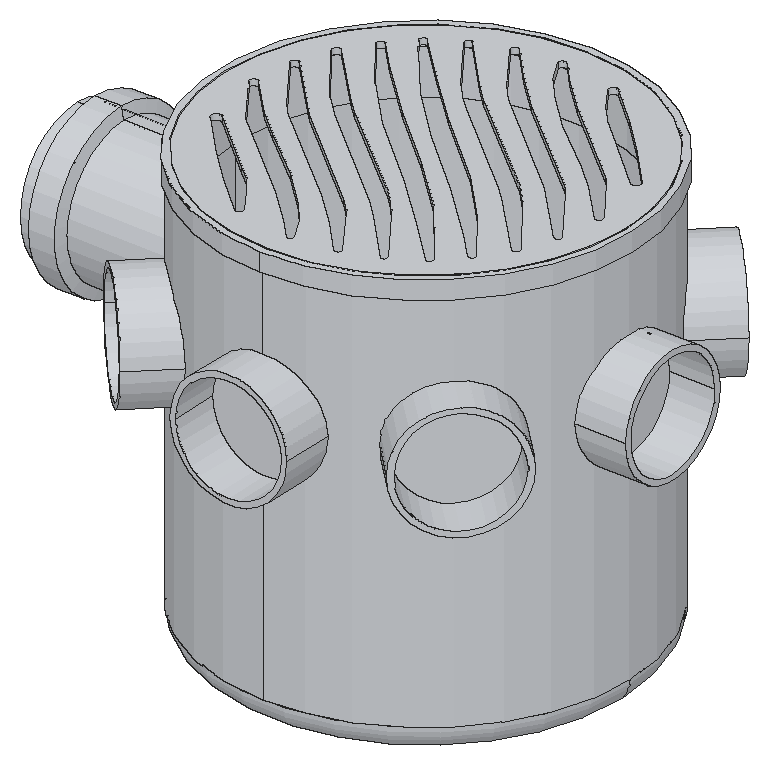
Revit family "Caixa Sifonada Montada_150x150x50_7 Entradas Completa - Caixas e Ralos - Esgoto - MEP - Tigre", category Plumbing Fixtures, host Face, Revit 2011
Parameters (values of type "Grelha e porta grelha redondos brancos - DN 150 x 150 x 50")
  URL = "http://www.tigre.com.br"
  UHC [instance] = 2
  Tigre: Sistema = "Esgoto"  # constant formula
  Tigre: Norma = ""
  Tigre: Material = "Branco"
  Tigre: Marcador [instance] = "00"
  Tigre: Link do Produto = "http://www.tigre.com.br/pt/produtos_unico.php?rcr_id=4&cpr_id=10&cpr_id_pai=4&lnh_id=11&prd_id=125"
  Tigre: Linha = "Caixas e Ralos"  # constant formula
  Tigre: Fabricante = "© Tigre S/A"  # constant formula
  Tigre: Descrição = "Caixa Sifonada Montada c/ Grelha e Porta Grelha, redondos brancos, (com 7 entradas) 150 x 150 x 50mm, Esgoto - TIGRE"
  Tigre: Código com Separador [instance] = "27.06.853.7"
  Tigre: Código = 27068537
  Tigre: Comentários [instance] = ""
  Raio do Corpo = 77.10 mm  # constant formula
  Raio Interno Porta Grelha = 48.70 mm
  Raio Externo Porta Grelha = 53.50 mm
  Raio do Anel = 31.40 mm
  Raio Nominal 2 = Diâmetro Nominal 2 / 2  # 20.00 mm
  Raio Nominal 1 = Diâmetro Nominal 1 / 2  # 25.00 mm
  Raio Externo 2 = Raio Nominal 2 + 2.00 mm  # 22.00 mm
  Raio Externo 1 = Raio Nominal 1 + 2.00 mm  # 27.00 mm
  Prolongador. [instance] = none
  Prolongador [instance] = Distância do Prolongador > 0.00 mm  # no
  Porta Grelha Redonda = yes
  Porta Grelha Quadrada = no
  Porta Grelha [instance] = none
  Model = ""
  Manufacturer = Tigre: Fabricante  # "© Tigre S/A"
  Grelha Redonda = yes
  Grelha Quadrada = no
  Grelha [instance] = none
  Diâmetro Nominal 2 = 40.00 mm
  Diâmetro Nominal 1 = 50.00 mm
  Description = Tigre: Descrição  # "Caixa Sifonada Montada c/ Grelha e Porta Grelha, redondos brancos, (com 7 entradas) 150 x 150 x 50mm, Esgoto - TIGRE"
  Default Elevation = 0.00 mm
  Cota L1 = 131.50 mm
  Distância do Prolongador [instance] = 0.00 mm
  Cota B = 105.00 mm  # constant formula
  Cota A = 155.00 mm  # constant formula
  Comprimento do Tubo [instance] = if(Distância do Prolongador > 0.00 mm, Distância do Prolongador + 15.00 mm, Distância do Prolongador + 1.00 mm)  # 1.00 mm
  Caixas e Ralos [instance] = none
  Anel = 10.00 mm
Reference planes
  plane 1 "Center (Front/Back)": y = 0
  plane 2: z = 0
  plane 3 "Center (Left/Right)": x = 0
  plane 4: z = -162
  plane 5: z = -7
  plane 6: z = -57
  plane 7: z = -7
Forms (mm)
  Sweep 1, solid, material <- "Caixas e Ralos", detail levels fine
    path origin (0, 0, 0) x (1, 0, 0) y (0, 0, 1)
      loop
        line (0, -7) -> (0, -152)
    profile origin (0, 0, -79.5) x (0, -1, 0) y (1, 0, 0)
      loop
        circle (0, 0) r 77.1
  Revolve 2, solid, material <- "Caixas e Ralos", detail levels fine
    sketch origin (0, 0, 0) x (1, 0, 0) y (0, 0, 1)
      loop
        line (0, -152) -> (-77.1, -152)
        arc (-77.1, -152) -> (-74.171, -159.071) -> (-67.1, -162) r 10
        line (-67.1, -162) -> (0, -162) -> (0, -152)
      axis (0, -152) -> (0, -162)
    angle from 0 to 360
  Sweep 3, solid, material <- "Caixas e Ralos", detail levels fine
    path origin (0, 0, 0) x (1, 0, 0) y (0, 0, 1)
      loop
        line (0, -57) -> (-131.5, -57)
    profile origin (-65.75, 0, -57) x (0, 0, -1) y (0, -1, 0)
      loop
        circle (0, 0) r 27
  Sweep 4, solid, material <- "Caixas e Ralos", detail levels fine
    path origin (-107.8, -4572, -57) x (0, -1, 0) y (1, 0, 0)
      loop
        line (-4665.138, 107.8) -> (-4478.862, 107.8)
    profile origin (0, 0, -57) x (1, 0, 0) y (0, 0, 1)
      loop
        circle (0, 0) r 22
  Sweep 5, solid, material <- "Caixas e Ralos", detail levels fine
    path origin (-107.8, -4572, -57) x (0, -1, 0) y (1, 0, 0)
      loop
        line (-4572, 107.8) -> (-4572, 200.938)
    profile origin (46.569, 0, -57) x (0, 1, 0) y (0, 0, 1)
      loop
        circle (0, 0) r 22
  SweptBlend 6, solid, material <- "Caixas e Ralos", detail levels fine
    path origin (0, 0, 0) x (1, 0, 0) y (0, 0, 1)
      loop
        line (-126.261, -57) -> (-124.921, -57)
    profile origin (-126.261, 0, -57) x (0, 0, 1) y (0, -1, 0)
      loop
        circle (0, 0) r 27
    end profile origin (-124.921, 0, -57) x (0, 0, 1) y (0, -1, 0)
      loop
        circle (0, 0) r 31.4
  Sweep 7, solid, material <- "Caixas e Ralos", detail levels fine
    path origin (0, 0, 0) x (1, 0, 0) y (0, 0, 1)
      loop
        line (-124.921, -57) -> (-114.921, -57)
    profile origin (-119.921, 0, -57) x (0, 0, 1) y (0, -1, 0)
      loop
        circle (0, 0) r 31.4
  SweptBlend 8, solid, material <- "Caixas e Ralos", detail levels fine
    path origin (0, 0, 0) x (1, 0, 0) y (0, 0, 1)
      loop
        line (-114.921, -57) -> (-113.987, -57)
    profile origin (-114.921, 0, -57) x (0, 0, 1) y (0, -1, 0)
      loop
        circle (0, 0) r 31.4
    end profile origin (-113.987, 0, -57) x (0, 0, 1) y (0, -1, 0)
      loop
        circle (0, 0) r 27
  Sweep 9, solid, material <- "Caixas e Ralos", detail levels fine
    path origin (3156.666, -3309.118, -57) x (0.707107, -0.707107, 0) y (0.707107, 0.707107, 0)
      loop
        line (-4665.138, 107.8) -> (-4478.862, 107.8)
    profile origin (0, 0, -57) x (0.707107, 0.707107, 0) y (0, 0, 1)
      loop
        circle (0, 0) r 22
  Sweep 10, solid, material <- "Caixas e Ralos", detail levels fine
    path origin (-3156.666, -3309.118, -57) x (0.707107, 0.707107, 0) y (-0.707107, 0.707107, 0)
      loop
        line (4665.138, 107.8) -> (4478.862, 107.8)
    profile origin (0, 0, -57) x (0.707107, -0.707107, 0) y (0, 0, 1)
      loop
        circle (0, 0) r 22
  Sweep 11, void
    path origin (0, 0, 0) x (1, 0, 0) y (0, 0, 1)
      loop
        line (0, -152) -> (0, -7)
    profile origin (0, 0, -79.5) x (-1, 0, 0) y (0, -1, 0)
      loop
        circle (0, 0) r 72.3
  Extrusion 12, solid, material <- "Grelha", visible <- "Grelha Quadrada", detail levels fine
    sketch origin (-107.8, -4572, -57) x (0, -1, 0) y (-1, 0, 0)
      loop
        line (-4635.57, -129.537) -> (-4623.132, -143.846)
        arc (-4623.132, -143.846) -> (-4617.701, -149.772) -> (-4611.967, -155.407) r 153.546
        line (-4611.967, -155.407) -> (-4596.416, -169.908)
        arc (-4596.416, -169.908) -> (-4593.759, -169.817) -> (-4593.848, -167.159) r 1.881
        arc (-4593.848, -167.159) -> (-4604.41, -156.19) -> (-4613.78, -144.185) r 146.863
        arc (-4613.78, -144.185) -> (-4618.668, -138.359) -> (-4624.494, -133.471) r 43.63
        line (-4624.494, -133.471) -> (-4633.46, -127.193)
        arc (-4633.46, -127.193) -> (-4635.552, -127.431) -> (-4635.57, -129.537) r 1.589
      loop
        line (-4638.58, -107.748) -> (-4631.247, -114.587)
        arc (-4631.247, -114.587) -> (-4625.259, -120.523) -> (-4619.645, -126.813) r 138.047
        line (-4619.645, -126.813) -> (-4592.301, -159.4)
        arc (-4592.301, -159.4) -> (-4591.39, -160.367) -> (-4590.373, -161.222) r 11.498
        line (-4590.373, -161.222) -> (-4572.687, -174.43)
        arc (-4572.687, -174.43) -> (-4570.564, -174.191) -> (-4570.669, -172.058) r 1.56
        line (-4570.669, -172.058) -> (-4584.395, -158.803)
        arc (-4584.395, -158.803) -> (-4588.663, -154.319) -> (-4592.541, -149.492) r 73.631
        arc (-4592.541, -149.492) -> (-4600.166, -139.572) -> (-4608.196, -129.978) r 301.507
        arc (-4608.196, -129.978) -> (-4614.319, -123.269) -> (-4620.734, -116.837) r 205.267
        arc (-4620.734, -116.837) -> (-4628.399, -110.501) -> (-4636.914, -105.363) r 67.329
        arc (-4636.914, -105.363) -> (-4638.782, -105.832) -> (-4638.58, -107.748) r 1.469
      loop
        line (-4636.203, -91.599) -> (-4624.161, -102.828)
        arc (-4624.161, -102.828) -> (-4618.056, -108.88) -> (-4612.333, -115.292) r 140.737
        line (-4612.333, -115.292) -> (-4580.734, -152.95)
        arc (-4580.734, -152.95) -> (-4579.007, -154.782) -> (-4577.081, -156.402) r 21.79
        line (-4577.081, -156.402) -> (-4556.115, -172.06)
        arc (-4556.115, -172.06) -> (-4554.165, -171.84) -> (-4554.261, -169.88) r 1.434
        line (-4554.261, -169.88) -> (-4575.315, -149.549)
        arc (-4575.315, -149.549) -> (-4576.062, -148.788) -> (-4576.769, -147.989) r 20.373
        line (-4576.769, -147.989) -> (-4609.872, -108.539)
        arc (-4609.872, -108.539) -> (-4612.813, -105.439) -> (-4616.111, -102.721) r 35
        line (-4616.111, -102.721) -> (-4634.411, -89.425)
        arc (-4634.411, -89.425) -> (-4636.329, -89.669) -> (-4636.203, -91.599) r 1.411
      loop
        line (-4630.998, -78.26) -> (-4612.593, -95.423)
        arc (-4612.593, -95.423) -> (-4609.307, -98.68) -> (-4606.227, -102.131) r 75.748
        line (-4606.227, -102.131) -> (-4572.107, -142.793)
        arc (-4572.107, -142.793) -> (-4568.538, -146.621) -> (-4564.588, -150.054) r 50
        line (-4564.588, -150.054) -> (-4542.866, -167.026)
        arc (-4542.866, -167.026) -> (-4540.643, -166.812) -> (-4540.741, -164.581) r 1.622
        line (-4540.741, -164.581) -> (-4563.119, -142.971)
        arc (-4563.119, -142.971) -> (-4565.23, -140.822) -> (-4567.226, -138.566) r 57.539
        line (-4567.226, -138.566) -> (-4598.505, -101.29)
        arc (-4598.505, -101.29) -> (-4603.519, -95.971) -> (-4609.113, -91.266) r 63.27
        line (-4609.113, -91.266) -> (-4629.281, -76.204)
        arc (-4629.281, -76.204) -> (-4631.113, -76.419) -> (-4630.998, -78.26) r 1.341
      loop
        line (-4623.825, -67.027) -> (-4609.716, -81.136)
        arc (-4609.716, -81.136) -> (-4600.22, -90.97) -> (-4591.073, -101.128) r 391.639
        line (-4591.073, -101.128) -> (-4567.599, -128.133)
        arc (-4567.599, -128.133) -> (-4559.212, -136.894) -> (-4550.024, -144.81) r 126.391
        line (-4550.024, -144.81) -> (-4531.504, -159.28)
        arc (-4531.504, -159.28) -> (-4529.442, -159.081) -> (-4529.533, -157.012) r 1.505
        line (-4529.533, -157.012) -> (-4539.034, -147.836)
        arc (-4539.034, -147.836) -> (-4548.888, -137.896) -> (-4558.298, -127.536) r 320.792
        line (-4558.298, -127.536) -> (-4578.823, -103.925)
        arc (-4578.823, -103.925) -> (-4596.95, -85.195) -> (-4616.971, -68.504) r 244.018
        line (-4616.971, -68.504) -> (-4621.911, -64.815)
        arc (-4621.911, -64.815) -> (-4623.897, -65.03) -> (-4623.825, -67.027) r 1.466
      loop
        line (-4508.43, -86.063) -> (-4520.868, -71.754)
        arc (-4520.868, -71.754) -> (-4526.299, -65.828) -> (-4532.033, -60.193) r 153.546
        line (-4532.033, -60.193) -> (-4547.584, -45.692)
        arc (-4547.584, -45.692) -> (-4550.241, -45.783) -> (-4550.152, -48.441) r 1.881
        arc (-4550.152, -48.441) -> (-4539.59, -59.41) -> (-4530.22, -71.415) r 146.863
        arc (-4530.22, -71.415) -> (-4525.332, -77.241) -> (-4519.506, -82.129) r 43.63
        line (-4519.506, -82.129) -> (-4510.54, -88.407)
        arc (-4510.54, -88.407) -> (-4508.448, -88.169) -> (-4508.43, -86.063) r 1.589
      loop
        line (-4505.42, -107.852) -> (-4512.753, -101.013)
        arc (-4512.753, -101.013) -> (-4518.741, -95.077) -> (-4524.355, -88.787) r 138.047
        line (-4524.355, -88.787) -> (-4551.699, -56.2)
        arc (-4551.699, -56.2) -> (-4552.61, -55.233) -> (-4553.627, -54.378) r 11.498
        line (-4553.627, -54.378) -> (-4571.313, -41.17)
        arc (-4571.313, -41.17) -> (-4573.436, -41.409) -> (-4573.331, -43.542) r 1.56
        line (-4573.331, -43.542) -> (-4559.605, -56.797)
        arc (-4559.605, -56.797) -> (-4555.337, -61.281) -> (-4551.459, -66.108) r 73.631
        arc (-4551.459, -66.108) -> (-4543.834, -76.028) -> (-4535.804, -85.622) r 301.507
        arc (-4535.804, -85.622) -> (-4529.681, -92.331) -> (-4523.266, -98.763) r 205.267
        arc (-4523.266, -98.763) -> (-4515.601, -105.099) -> (-4507.086, -110.237) r 67.329
        arc (-4507.086, -110.237) -> (-4505.218, -109.768) -> (-4505.42, -107.852) r 1.469
      loop
        line (-4507.797, -124.001) -> (-4519.839, -112.772)
        arc (-4519.839, -112.772) -> (-4525.944, -106.72) -> (-4531.667, -100.308) r 140.737
        line (-4531.667, -100.308) -> (-4563.266, -62.65)
        arc (-4563.266, -62.65) -> (-4564.993, -60.818) -> (-4566.919, -59.198) r 21.79
        line (-4566.919, -59.198) -> (-4587.885, -43.54)
        arc (-4587.885, -43.54) -> (-4589.835, -43.76) -> (-4589.739, -45.72) r 1.434
        line (-4589.739, -45.72) -> (-4568.685, -66.051)
        arc (-4568.685, -66.051) -> (-4567.938, -66.812) -> (-4567.231, -67.611) r 20.373
        line (-4567.231, -67.611) -> (-4534.128, -107.061)
        arc (-4534.128, -107.061) -> (-4531.187, -110.161) -> (-4527.889, -112.879) r 35
        line (-4527.889, -112.879) -> (-4509.589, -126.175)
        arc (-4509.589, -126.175) -> (-4507.671, -125.931) -> (-4507.797, -124.001) r 1.411
      loop
        line (-4513.002, -137.34) -> (-4531.407, -120.177)
        arc (-4531.407, -120.177) -> (-4534.693, -116.92) -> (-4537.773, -113.469) r 75.748
        line (-4537.773, -113.469) -> (-4571.893, -72.807)
        arc (-4571.893, -72.807) -> (-4575.462, -68.979) -> (-4579.412, -65.546) r 50
        line (-4579.412, -65.546) -> (-4601.134, -48.574)
        arc (-4601.134, -48.574) -> (-4603.357, -48.788) -> (-4603.259, -51.019) r 1.622
        line (-4603.259, -51.019) -> (-4580.881, -72.629)
        arc (-4580.881, -72.629) -> (-4578.77, -74.778) -> (-4576.774, -77.034) r 57.539
        line (-4576.774, -77.034) -> (-4545.495, -114.31)
        arc (-4545.495, -114.31) -> (-4540.481, -119.629) -> (-4534.887, -124.334) r 63.27
        line (-4534.887, -124.334) -> (-4514.719, -139.396)
        arc (-4514.719, -139.396) -> (-4512.887, -139.181) -> (-4513.002, -137.34) r 1.341
      loop
        line (-4520.175, -148.573) -> (-4534.284, -134.464)
        arc (-4534.284, -134.464) -> (-4543.78, -124.63) -> (-4552.927, -114.472) r 391.639
        line (-4552.927, -114.472) -> (-4576.401, -87.467)
        arc (-4576.401, -87.467) -> (-4584.788, -78.706) -> (-4593.976, -70.79) r 126.391
        line (-4593.976, -70.79) -> (-4612.496, -56.32)
        arc (-4612.496, -56.32) -> (-4614.558, -56.519) -> (-4614.467, -58.588) r 1.505
        line (-4614.467, -58.588) -> (-4604.966, -67.764)
        arc (-4604.966, -67.764) -> (-4595.112, -77.704) -> (-4585.702, -88.064) r 320.792
        line (-4585.702, -88.064) -> (-4565.177, -111.675)
        arc (-4565.177, -111.675) -> (-4547.05, -130.405) -> (-4527.029, -147.096) r 244.018
        line (-4527.029, -147.096) -> (-4522.089, -150.785)
        arc (-4522.089, -150.785) -> (-4520.103, -150.57) -> (-4520.175, -148.573) r 1.466
      loop
        line (-4647.15, -32.65) -> (-4647.15, -182.95) -> (-4496.85, -182.95) -> (-4496.85, -32.65) -> (-4647.15, -32.65)
    from -57 to -55
  Extrusion 13, solid, material <- "Grelha", visible <- "Grelha Redonda", detail levels fine
    sketch origin (-107.8, -4572, -57) x (0, -1, 0) y (-1, 0, 0)
      loop
        line (-4635.601, -129.682) -> (-4623.163, -143.991)
        arc (-4623.163, -143.991) -> (-4617.732, -149.918) -> (-4611.999, -155.552) r 153.546
        line (-4611.999, -155.552) -> (-4596.448, -170.054)
        arc (-4596.448, -170.054) -> (-4593.79, -169.962) -> (-4593.879, -167.305) r 1.881
        arc (-4593.879, -167.305) -> (-4604.441, -156.335) -> (-4613.811, -144.331) r 146.863
        arc (-4613.811, -144.331) -> (-4618.699, -138.505) -> (-4624.525, -133.616) r 43.63
        line (-4624.525, -133.616) -> (-4633.491, -127.338)
        arc (-4633.491, -127.338) -> (-4635.583, -127.577) -> (-4635.601, -129.682) r 1.589
      loop
        line (-4638.611, -107.894) -> (-4631.278, -114.732)
        arc (-4631.278, -114.732) -> (-4625.29, -120.668) -> (-4619.676, -126.958) r 138.047
        line (-4619.676, -126.958) -> (-4592.332, -159.545)
        arc (-4592.332, -159.545) -> (-4591.421, -160.512) -> (-4590.404, -161.367) r 11.498
        line (-4590.404, -161.367) -> (-4572.718, -174.576)
        arc (-4572.718, -174.576) -> (-4570.596, -174.336) -> (-4570.7, -172.203) r 1.56
        line (-4570.7, -172.203) -> (-4584.426, -158.948)
        arc (-4584.426, -158.948) -> (-4588.695, -154.464) -> (-4592.572, -149.637) r 73.631
        arc (-4592.572, -149.637) -> (-4600.197, -139.718) -> (-4608.227, -130.123) r 301.507
        arc (-4608.227, -130.123) -> (-4614.351, -123.414) -> (-4620.765, -116.982) r 205.267
        arc (-4620.765, -116.982) -> (-4628.43, -110.646) -> (-4636.945, -105.508) r 67.329
        arc (-4636.945, -105.508) -> (-4638.814, -105.978) -> (-4638.611, -107.894) r 1.469
      loop
        line (-4636.234, -91.744) -> (-4624.192, -102.973)
        arc (-4624.192, -102.973) -> (-4618.088, -109.025) -> (-4612.364, -115.438) r 140.737
        line (-4612.364, -115.438) -> (-4580.766, -153.095)
        arc (-4580.766, -153.095) -> (-4579.039, -154.927) -> (-4577.112, -156.547) r 21.79
        line (-4577.112, -156.547) -> (-4556.147, -172.205)
        arc (-4556.147, -172.205) -> (-4554.196, -171.985) -> (-4554.292, -170.025) r 1.434
        line (-4554.292, -170.025) -> (-4575.346, -149.694)
        arc (-4575.346, -149.694) -> (-4576.094, -148.933) -> (-4576.8, -148.134) r 20.373
        line (-4576.8, -148.134) -> (-4609.903, -108.684)
        arc (-4609.903, -108.684) -> (-4612.844, -105.584) -> (-4616.142, -102.866) r 35
        line (-4616.142, -102.866) -> (-4634.442, -89.57)
        arc (-4634.442, -89.57) -> (-4636.361, -89.814) -> (-4636.234, -91.744) r 1.411
      loop
        line (-4631.029, -78.405) -> (-4612.624, -95.568)
        arc (-4612.624, -95.568) -> (-4609.339, -98.825) -> (-4606.258, -102.277) r 75.748
        line (-4606.258, -102.277) -> (-4572.139, -142.939)
        arc (-4572.139, -142.939) -> (-4568.569, -146.766) -> (-4564.619, -150.2) r 50
        line (-4564.619, -150.2) -> (-4542.897, -167.171)
        arc (-4542.897, -167.171) -> (-4540.675, -166.957) -> (-4540.772, -164.726) r 1.622
        line (-4540.772, -164.726) -> (-4563.15, -143.116)
        arc (-4563.15, -143.116) -> (-4565.262, -140.967) -> (-4567.258, -138.711) r 57.539
        line (-4567.258, -138.711) -> (-4598.536, -101.435)
        arc (-4598.536, -101.435) -> (-4603.55, -96.116) -> (-4609.144, -91.411) r 63.27
        line (-4609.144, -91.411) -> (-4629.312, -76.35)
        arc (-4629.312, -76.35) -> (-4631.144, -76.564) -> (-4631.029, -78.405) r 1.341
      loop
        line (-4623.857, -67.172) -> (-4609.747, -81.281)
        arc (-4609.747, -81.281) -> (-4600.251, -91.115) -> (-4591.104, -101.274) r 391.639
        line (-4591.104, -101.274) -> (-4567.63, -128.278)
        arc (-4567.63, -128.278) -> (-4559.243, -137.039) -> (-4550.055, -144.956) r 126.391
        line (-4550.055, -144.956) -> (-4531.535, -159.425)
        arc (-4531.535, -159.425) -> (-4529.473, -159.227) -> (-4529.564, -157.157) r 1.505
        line (-4529.564, -157.157) -> (-4539.066, -147.981)
        arc (-4539.066, -147.981) -> (-4548.919, -138.041) -> (-4558.33, -127.681) r 320.792
        line (-4558.33, -127.681) -> (-4578.854, -104.071)
        arc (-4578.854, -104.071) -> (-4596.981, -85.34) -> (-4617.003, -68.65) r 244.018
        line (-4617.003, -68.65) -> (-4621.942, -64.961)
        arc (-4621.942, -64.961) -> (-4623.929, -65.176) -> (-4623.857, -67.172) r 1.466
      loop
        line (-4508.461, -86.208) -> (-4520.899, -71.9)
        arc (-4520.899, -71.9) -> (-4526.33, -65.973) -> (-4532.064, -60.338) r 153.546
        line (-4532.064, -60.338) -> (-4547.615, -45.837)
        arc (-4547.615, -45.837) -> (-4550.272, -45.928) -> (-4550.183, -48.586) r 1.881
        arc (-4550.183, -48.586) -> (-4539.621, -59.556) -> (-4530.252, -71.56) r 146.863
        arc (-4530.252, -71.56) -> (-4525.363, -77.386) -> (-4519.537, -82.275) r 43.63
        line (-4519.537, -82.275) -> (-4510.572, -88.552)
        arc (-4510.572, -88.552) -> (-4508.479, -88.314) -> (-4508.461, -86.208) r 1.589
      loop
        line (-4505.451, -107.997) -> (-4512.784, -101.159)
        arc (-4512.784, -101.159) -> (-4518.772, -95.223) -> (-4524.387, -88.932) r 138.047
        line (-4524.387, -88.932) -> (-4551.731, -56.345)
        arc (-4551.731, -56.345) -> (-4552.642, -55.379) -> (-4553.658, -54.524) r 11.498
        line (-4553.658, -54.524) -> (-4571.344, -41.315)
        arc (-4571.344, -41.315) -> (-4573.467, -41.554) -> (-4573.362, -43.688) r 1.56
        line (-4573.362, -43.688) -> (-4559.637, -56.942)
        arc (-4559.637, -56.942) -> (-4555.368, -61.427) -> (-4551.491, -66.254) r 73.631
        arc (-4551.491, -66.254) -> (-4543.865, -76.173) -> (-4535.835, -85.767) r 301.507
        arc (-4535.835, -85.767) -> (-4529.712, -92.477) -> (-4523.298, -98.909) r 205.267
        arc (-4523.298, -98.909) -> (-4515.632, -105.245) -> (-4507.118, -110.382) r 67.329
        arc (-4507.118, -110.382) -> (-4505.249, -109.913) -> (-4505.451, -107.997) r 1.469
      loop
        line (-4507.828, -124.147) -> (-4519.87, -112.917)
        arc (-4519.87, -112.917) -> (-4525.975, -106.866) -> (-4531.699, -100.453) r 140.737
        line (-4531.699, -100.453) -> (-4563.297, -62.795)
        arc (-4563.297, -62.795) -> (-4565.024, -60.963) -> (-4566.95, -59.343) r 21.79
        line (-4566.95, -59.343) -> (-4587.916, -43.685)
        arc (-4587.916, -43.685) -> (-4589.866, -43.905) -> (-4589.77, -45.866) r 1.434
        line (-4589.77, -45.866) -> (-4568.717, -66.197)
        arc (-4568.717, -66.197) -> (-4567.969, -66.957) -> (-4567.262, -67.756) r 20.373
        line (-4567.262, -67.756) -> (-4534.16, -107.206)
        arc (-4534.16, -107.206) -> (-4531.218, -110.306) -> (-4527.921, -113.024) r 35
        line (-4527.921, -113.024) -> (-4509.62, -126.32)
        arc (-4509.62, -126.32) -> (-4507.702, -126.076) -> (-4507.828, -124.147) r 1.411
      loop
        line (-4513.033, -137.485) -> (-4531.438, -120.323)
        arc (-4531.438, -120.323) -> (-4534.724, -117.065) -> (-4537.805, -113.614) r 75.748
        line (-4537.805, -113.614) -> (-4571.924, -72.952)
        arc (-4571.924, -72.952) -> (-4575.493, -69.124) -> (-4579.443, -65.691) r 50
        line (-4579.443, -65.691) -> (-4601.165, -48.719)
        arc (-4601.165, -48.719) -> (-4603.388, -48.933) -> (-4603.291, -51.164) r 1.622
        line (-4603.291, -51.164) -> (-4580.912, -72.775)
        arc (-4580.912, -72.775) -> (-4578.801, -74.923) -> (-4576.805, -77.179) r 57.539
        line (-4576.805, -77.179) -> (-4545.527, -114.455)
        arc (-4545.527, -114.455) -> (-4540.512, -119.774) -> (-4534.918, -124.479) r 63.27
        line (-4534.918, -124.479) -> (-4514.751, -139.541)
        arc (-4514.751, -139.541) -> (-4512.919, -139.326) -> (-4513.033, -137.485) r 1.341
      loop
        line (-4520.206, -148.718) -> (-4534.315, -134.609)
        arc (-4534.315, -134.609) -> (-4543.811, -124.776) -> (-4552.958, -114.617) r 391.639
        line (-4552.958, -114.617) -> (-4576.433, -87.612)
        arc (-4576.433, -87.612) -> (-4584.819, -78.852) -> (-4594.007, -70.935) r 126.391
        line (-4594.007, -70.935) -> (-4612.527, -56.465)
        arc (-4612.527, -56.465) -> (-4614.589, -56.664) -> (-4614.499, -58.733) r 1.505
        line (-4614.499, -58.733) -> (-4604.997, -67.909)
        arc (-4604.997, -67.909) -> (-4595.143, -77.849) -> (-4585.733, -88.209) r 320.792
        line (-4585.733, -88.209) -> (-4565.208, -111.82)
        arc (-4565.208, -111.82) -> (-4547.081, -130.551) -> (-4527.06, -147.241) r 244.018
        line (-4527.06, -147.241) -> (-4522.12, -150.93)
        arc (-4522.12, -150.93) -> (-4520.134, -150.715) -> (-4520.206, -148.718) r 1.466
      loop
        circle (-4571.987, -107.787) r 75.65
    from -57 to -55
  Sweep 14, solid, material <- "Porta Grelha", visible <- "Porta Grelha Redonda", detail levels fine
    path origin (0, 0, 0) x (1, 0, 0) y (0, 0, 1)
      loop
        line (0.107, 0) -> (0.107, -7)
    profile origin (0.107, 0, -3.5) x (0, -1, 0) y (1, 0, 0)
      loop
        circle (0, -0.107) r 78.25
      loop
        circle (0, -0.107) r 75.8
  Revolve 15, solid, material <- "Porta Grelha", visible <- "Porta Grelha Redonda", detail levels fine
    sketch origin (0, 0, 0) x (1, 0, 0) y (0, 0, 1)
      loop
        line (-71, -22) -> (-71, -4.7) -> (-75.8, -4.7) -> (-75.8, -7) -> (-73.7, -7) -> (-73.7, -22) -> (-71, -22)
      axis (0, -22) -> (0, -4.7)
    angle from 0 to 360
  Extrusion 16, solid, material <- "Porta Grelha", visible <- "Porta Grelha Quadrada", detail levels fine
    sketch origin (-107.8, -4572, -57) x (0, -1, 0) y (-1, 0, 0)
      loop
        line (-4649.75, -30.05) -> (-4649.75, -185.55) -> (-4494.25, -185.55) -> (-4494.25, -30.05) -> (-4649.75, -30.05)
      loop
        line (-4496.6, -183.2) -> (-4496.6, -32.4) -> (-4647.4, -32.4) -> (-4647.4, -183.2) -> (-4496.6, -183.2)
    from -57 to -50
  Extrusion 17, solid, material <- "Porta Grelha", visible <- "Porta Grelha Quadrada", detail levels fine
    sketch origin (-107.8, -4572, -57) x (0, -1, 0) y (-1, 0, 0)
      loop
        line (-4647.4, -32.4) -> (-4647.4, -183.2) -> (-4496.6, -183.2) -> (-4496.6, -32.4) -> (-4647.4, -32.4)
      loop
        circle (-4572, -107.8) r 71
    from -52.3 to -50
  Sweep 18, void
    path origin (-107.8, -4572, -57) x (0, -1, 0) y (1, 0, 0)
      loop
        line (-4572, -23.7) -> (-4572, 16.3)
    profile origin (-111.5, 0, -57) x (0, 1, 0) y (0, 0, 1)
      loop
        circle (0, 0) r 25
  Sweep 19, void
    path origin (-107.8, -4572, -57) x (0, -1, 0) y (1, 0, 0)
      loop
        line (-4572, 200.938) -> (-4572, 183.6)
    profile origin (84.469, 0, -57) x (0, -1, 0) y (0, 0, 1)
      loop
        circle (0, 0) r 20
  Sweep 20, void
    path origin (3156.666, -3309.118, -57) x (0.707107, -0.707107, 0) y (0.707107, 0.707107, 0)
      loop
        line (-4572, 200.938) -> (-4572, 183.6)
    profile origin (59.729, 59.729, -57) x (0.707107, -0.707107, 0) y (0, 0, 1)
      loop
        circle (0, 0) r 20
  Sweep 21, void
    path origin (4572, -107.8, -57) x (1, 0, 0) y (0, 1, 0)
      loop
        line (-4572, 200.938) -> (-4572, 183.6)
    profile origin (0, 84.469, -57) x (1, 0, 0) y (0, 0, 1)
      loop
        circle (0, 0) r 20
  Sweep 22, void
    path origin (3309.118, 3156.666, -57) x (0.707107, 0.707107, 0) y (-0.707107, 0.707107, 0)
      loop
        line (-4572, 200.938) -> (-4572, 183.6)
    profile origin (-59.729, 59.729, -57) x (0.707107, 0.707107, 0) y (0, 0, 1)
      loop
        circle (0, 0) r 20
  Sweep 23, void
    path origin (3156.666, 3309.118, -57) x (-0.707107, -0.707107, 0) y (0.707107, -0.707107, 0)
      loop
        line (4572, 200.938) -> (4572, 183.6)
    profile origin (59.729, -59.729, -57) x (-0.707107, -0.707107, 0) y (0, 0, 1)
      loop
        circle (0, 0) r 20
  Sweep 24, void
    path origin (4572, 107.8, -57) x (-1, 0, 0) y (0, -1, 0)
      loop
        line (4572, 200.938) -> (4572, 183.6)
    profile origin (0, -84.469, -57) x (-1, 0, 0) y (0, 0, 1)
      loop
        circle (0, 0) r 20
  Sweep 25, void
    path origin (3309.118, -3156.666, -57) x (-0.707107, 0.707107, 0) y (-0.707107, -0.707107, 0)
      loop
        line (4572, 200.938) -> (4572, 183.6)
    profile origin (-59.729, -59.729, -57) x (-0.707107, 0.707107, 0) y (0, 0, 1)
      loop
        circle (0, 0) r 20
Cuts and joins
  Sweep 11, Sweep 18, Sweep 19, Sweep 20, Sweep 21, Sweep 22, Sweep 23, Sweep 24, Sweep 25 cuts Sweep 1
  Sweep 11, Sweep 18, Sweep 19, Sweep 20, Sweep 21, Sweep 22, Sweep 23, Sweep 24, Sweep 25 cuts Revolve 2
  Sweep 11, Sweep 18, Sweep 19, Sweep 20, Sweep 21, Sweep 22, Sweep 23, Sweep 24, Sweep 25 cuts Sweep 3
  Sweep 11, Sweep 18, Sweep 19, Sweep 20, Sweep 21, Sweep 22, Sweep 23, Sweep 24, Sweep 25 cuts Sweep 4
  Sweep 11, Sweep 18, Sweep 19, Sweep 20, Sweep 21, Sweep 22, Sweep 23, Sweep 24, Sweep 25 cuts Sweep 5
  Sweep 11, Sweep 18, Sweep 19, Sweep 20, Sweep 21, Sweep 22, Sweep 23, Sweep 24, Sweep 25 cuts SweptBlend 6
  Sweep 11, Sweep 18, Sweep 19, Sweep 20, Sweep 21, Sweep 22, Sweep 23, Sweep 24, Sweep 25 cuts Sweep 7
  Sweep 11, Sweep 18, Sweep 19, Sweep 20, Sweep 21, Sweep 22, Sweep 23, Sweep 24, Sweep 25 cuts SweptBlend 8
  Sweep 11, Sweep 18, Sweep 19, Sweep 20, Sweep 21, Sweep 22, Sweep 23, Sweep 24, Sweep 25 cuts Sweep 9
  Sweep 11, Sweep 18, Sweep 19, Sweep 20, Sweep 21, Sweep 22, Sweep 23, Sweep 24, Sweep 25 cuts Sweep 10
  joined: Sweep 1, Revolve 2, Sweep 3, Sweep 4, Sweep 5, SweptBlend 6, Sweep 7, SweptBlend 8, Sweep 9, Sweep 10
  joined: Extrusion 16, Extrusion 17
Lines and regions (mm)
  model lines, detail levels coarse+medium
    curve 1: line (-91.5, 0, -57) -> (-40, 0, -57)
    curve 2: line (0, 75.8, -57) -> (0, 40, -57)
    curve 3: line (-22, 75.8, -57) -> (22, 75.8, -57)
    curve 4: line (93.138, 22, -57) -> (93.138, -22, -57)
    curve 5: line (-22, -75.8, -57) -> (22, -75.8, -57)
    curve 6: line (-91.5, 22, -57) -> (-91.5, -22, -57)
    curve 7: circle (0, 0, -57) r 40 normal (0, 0, -1)
    curve 8: line (40, 0, -57) -> (93.138, 0, -57)
    curve 9: line (0, -75.8, -57) -> (0, -40, -57)
    curve 10: line (-53.599, 53.599, -57) -> (-28.284, 28.284, -57)
    curve 11: line (-69.155, 38.042, -57) -> (-38.042, 69.155, -57)
    curve 12: line (-53.599, -53.599, -57) -> (-28.284, -28.284, -57)
    curve 13: line (-69.155, -38.042, -57) -> (-38.042, -69.155, -57)
    curve 14: line (53.599, -53.599, -57) -> (28.284, -28.284, -57)
    curve 15: line (69.155, -38.042, -57) -> (38.042, -69.155, -57)
    curve 16: line (53.599, 53.599, -57) -> (28.284, 28.284, -57)
    curve 17: line (69.155, 38.042, -57) -> (38.042, 69.155, -57)
Dimensions and locks
  "Cota A": plane 5 to plane 4
  "Cota B": plane 6 to plane 4
  Sweep 1 to plane 4 = 10.00 mm
  "Cota L1": plane 3 "Center (Left/Right)" to Sweep 3 sketch curve
  plane 3 "Center (Left/Right)" to Sweep 5 sketch curve = 93.138 mm
  locked: SweptBlend 6 sketch curve to SweptBlend 6 sketch curve at 1.34
  "Anel": Sweep 7 sketch curve to Sweep 7 sketch curve
  locked: SweptBlend 8 sketch curve to SweptBlend 8 sketch curve at 0.934
  "Raio do Corpo": plane 3 "Center (Left/Right)" to Revolve 2 sketch curve
  Sweep 11 sketch curve to plane 4 = 10.00 mm
  locked: level to plane 7 at 7
  locked: level to Extrusion 12 at 2
  Revolve 15 sketch curve to plane 7 to Revolve 15 sketch curve = 2.30 mm locked, 15.00 mm locked
  "Distância do Prolongador": plane 7 to plane 5
  "Raio do Corpo": radius of Sweep 1 sketch curve
  "Raio Externo 2": radius of Sweep 4 sketch curve
  "Raio Externo 2": radius of Sweep 5 sketch curve
  "Raio Externo 1": radius of Sweep 3 sketch curve
  "Raio do Anel": radius of SweptBlend 6 sketch curve
  "Raio Externo 1": radius of SweptBlend 8 sketch curve
  "Raio Externo 2": radius of Sweep 9 sketch curve
  "Raio Externo 2": radius of Sweep 10 sketch curve
  "Raio Nominal 1": radius of Sweep 18 sketch curve
  "Raio Nominal 2": radius of Sweep 19 sketch curve
  "Raio Nominal 2": radius of Sweep 20 sketch curve
  "Raio Nominal 2": radius of Sweep 21 sketch curve
  "Raio Nominal 2": radius of Sweep 22 sketch curve
  "Raio Nominal 2": radius of Sweep 23 sketch curve
  "Raio Nominal 2": radius of Sweep 24 sketch curve
  "Raio Nominal 2": radius of Sweep 25 sketch curve
  aligned and locked: plane 2 to host face
  aligned and locked: level to host face
  aligned and locked: plane 5 to Sweep 1 sketch curve
  aligned and locked: Sweep 1 sketch curve to plane 3 "Center (Left/Right)"
  aligned and locked: Revolve 2 sketch curve to plane 3 "Center (Left/Right)"  (x2)
  aligned and locked: plane 4 to Revolve 2 sketch curve
  aligned and locked: Revolve 2 sketch curve to plane 4
  aligned and locked: Sweep 4 sketch curve to plane 3 "Center (Left/Right)"
  aligned and locked: plane 1 "Center (Front/Back)" to Sweep 5 sketch curve
  aligned and locked: plane 3 "Center (Left/Right)" to Sweep 5 sketch curve
  aligned and locked: SweptBlend 6 sketch curve to Sweep 3  (x2)
  aligned and locked: Sweep 3 sketch curve to plane 6
  aligned and locked: plane 6 to SweptBlend 6 sketch curve
  aligned and locked: Sweep 7 to SweptBlend 8 sketch curve
  aligned and locked: SweptBlend 8 sketch curve to Sweep 7  (x2)
  aligned and locked: plane 5 to Sweep 11 sketch curve
  aligned and locked: plane 3 "Center (Left/Right)" to Sweep 11 sketch curve
  aligned and locked: curve 4 to cut or joined group of Sweep 1, Revolve 2, Sweep 3, Sweep 4, Sweep 5, SweptBlend 6, Sweep 7, SweptBlend 8, Sweep 9, Sweep 10, Sweep 11, Sweep 18, Sweep 19, Sweep 20, Sweep 21, Sweep 22, Sweep 23, Sweep 24, Sweep 25
  aligned and locked: Extrusion 12 to level
  aligned and locked: level to Extrusion 13
  aligned and locked: Extrusion 13 to Extrusion 12
  aligned and locked: host face to Sweep 14 sketch curve
  aligned and locked: plane 7 to Sweep 14 sketch curve
  aligned and locked: Revolve 15 sketch curve to plane 7
  aligned and locked: level to Extrusion 16
  aligned and locked: plane 7 to Extrusion 16
  aligned and locked: plane 7 to Extrusion 17
  aligned and locked: Extrusion 17 to Revolve 15
  aligned and locked: plane 7 to nested 1
  aligned and locked: curve 6 to cut or joined group of Sweep 1, Revolve 2, Sweep 3, Sweep 4, Sweep 5, SweptBlend 6, Sweep 7, SweptBlend 8, Sweep 9, Sweep 10, Sweep 11, Sweep 18, Sweep 19, Sweep 20, Sweep 21, Sweep 22, Sweep 23, Sweep 24, Sweep 25
  aligned and locked: curve 17 to cut or joined group of Sweep 1, Revolve 2, Sweep 3, Sweep 4, Sweep 5, SweptBlend 6, Sweep 7, SweptBlend 8, Sweep 9, Sweep 10, Sweep 11, Sweep 18, Sweep 19, Sweep 20, Sweep 21, Sweep 22, Sweep 23, Sweep 24, Sweep 25
  aligned and locked: curve 3 to cut or joined group of Sweep 1, Revolve 2, Sweep 3, Sweep 4, Sweep 5, SweptBlend 6, Sweep 7, SweptBlend 8, Sweep 9, Sweep 10, Sweep 11, Sweep 18, Sweep 19, Sweep 20, Sweep 21, Sweep 22, Sweep 23, Sweep 24, Sweep 25
  aligned and locked: curve 11 to cut or joined group of Sweep 1, Revolve 2, Sweep 3, Sweep 4, Sweep 5, SweptBlend 6, Sweep 7, SweptBlend 8, Sweep 9, Sweep 10, Sweep 11, Sweep 18, Sweep 19, Sweep 20, Sweep 21, Sweep 22, Sweep 23, Sweep 24, Sweep 25
  aligned and locked: curve 13 to cut or joined group of Sweep 1, Revolve 2, Sweep 3, Sweep 4, Sweep 5, SweptBlend 6, Sweep 7, SweptBlend 8, Sweep 9, Sweep 10, Sweep 11, Sweep 18, Sweep 19, Sweep 20, Sweep 21, Sweep 22, Sweep 23, Sweep 24, Sweep 25
  aligned and locked: curve 15 to cut or joined group of Sweep 1, Revolve 2, Sweep 3, Sweep 4, Sweep 5, SweptBlend 6, Sweep 7, SweptBlend 8, Sweep 9, Sweep 10, Sweep 11, Sweep 18, Sweep 19, Sweep 20, Sweep 21, Sweep 22, Sweep 23, Sweep 24, Sweep 25
  aligned and locked: curve 5 to cut or joined group of Sweep 1, Revolve 2, Sweep 3, Sweep 4, Sweep 5, SweptBlend 6, Sweep 7, SweptBlend 8, Sweep 9, Sweep 10, Sweep 11, Sweep 18, Sweep 19, Sweep 20, Sweep 21, Sweep 22, Sweep 23, Sweep 24, Sweep 25
Automatic sketch dimensions
  host sketch curve to host sketch curve = 205.347 mm
  host sketch curve to host sketch curve = 203.078 mm
  plane 4 to Sweep 1 sketch curve = 10.00 mm
  plane 1 "Center (Front/Back)" to Sweep 1 sketch curve = 0.00 mm
  Sweep 1 sketch curve to profile plane = 0.00 mm
  Revolve 2 sketch curve to plane 4 = 0.00 mm
  Revolve 2 sketch curve to Revolve 2 sketch curve = 10.00 mm
  Revolve 2 sketch curve to plane 4 = 7.21 mm
  Sweep 3 sketch curve to plane 3 "Center (Left/Right)" = 0.00 mm
  Sweep 3 sketch curve to plane 1 "Center (Front/Back)" = 0.00 mm
  Sweep 3 sketch curve to profile plane = 0.00 mm
  Sweep 4 sketch curve to plane 1 "Center (Front/Back)" = 93.138 mm
  plane 1 "Center (Front/Back)" to Sweep 4 sketch curve = 93.138 mm
  Sweep 4 sketch curve to plane 6 = 0.00 mm
  profile plane to Sweep 4 sketch curve = 0.00 mm
  plane 6 to Sweep 5 sketch curve = 0.00 mm
  Sweep 5 sketch curve to profile plane = 0.00 mm
  SweptBlend 6 sketch curve to plane 3 "Center (Left/Right)" = 126.261 mm
  SweptBlend 6 sketch curve to plane 1 "Center (Front/Back)" = 0.00 mm
  profile plane to SweptBlend 6 sketch curve = 0.00 mm
  Sweep 7 sketch curve to plane 6 = 0.00 mm
  Sweep 7 sketch curve to plane 3 "Center (Left/Right)" = 124.921 mm
  Sweep 7 sketch curve to Sweep 7 sketch curve = 0.00 mm  (x2)
  Sweep 7 sketch curve to plane 1 "Center (Front/Back)" = 0.00 mm
  profile plane to Sweep 7 sketch curve = 0.00 mm
  Sweep 7 sketch curve to Sweep 7 sketch curve = 31.40 mm
  SweptBlend 8 sketch curve to plane 6 = 0.00 mm
  SweptBlend 8 sketch curve to plane 1 "Center (Front/Back)" = 0.00 mm
  profile plane to SweptBlend 8 sketch curve = 0.00 mm
  curve 2 to plane 3 "Center (Left/Right)" = 0.00 mm
  plane 1 "Center (Front/Back)" to curve 8 = 0.00 mm
  plane 1 "Center (Front/Back)" to curve 1 = 0.00 mm
  plane 1 "Center (Front/Back)" to curve 7 = 0.00 mm
  curve 9 to plane 3 "Center (Left/Right)" = 0.00 mm
  curve 7 to plane 3 "Center (Left/Right)" = 0.00 mm
  curve 3 to curve 11 = 6.645 mm
  curve 3 to curve 17 = 6.645 mm
  curve 11 to curve 10 = 15.556 mm
  curve 17 to curve 16 = 15.556 mm
  curve 10 to curve 11 = 15.556 mm
  curve 16 to curve 17 = 15.556 mm
  curve 10 to plane 1 "Center (Front/Back)" = 28.284 mm
  curve 6 to plane 1 "Center (Front/Back)" = 22.00 mm
  curve 8 to curve 4 = 22.00 mm
  curve 6 to curve 13 = 16.042 mm
  curve 4 to curve 15 = 16.042 mm
  curve 15 to curve 14 = 15.556 mm
  curve 13 to curve 12 = 15.556 mm
  curve 14 to curve 15 = 15.556 mm
  curve 12 to curve 13 = 15.556 mm
  curve 3 to plane 3 "Center (Left/Right)" = 22.00 mm
  curve 5 to plane 3 "Center (Left/Right)" = 22.00 mm
  curve 5 to curve 15 = 16.042 mm
  curve 3 to curve 17 = 16.042 mm
  Sweep 9 sketch curve to plane 1 "Center (Front/Back)" = 65.859 mm
  Sweep 9 sketch curve to plane 3 "Center (Left/Right)" = 65.859 mm
  Sweep 9 sketch curve to Sweep 9 sketch curve = 186.276 mm
  plane 6 to Sweep 9 sketch curve = 0.00 mm
  Sweep 9 sketch curve to profile plane = 0.00 mm
  plane 1 "Center (Front/Back)" to Sweep 10 sketch curve = 65.859 mm
  Sweep 10 sketch curve to plane 3 "Center (Left/Right)" = 65.859 mm
  Sweep 10 sketch curve to Sweep 10 sketch curve = 186.276 mm
  plane 6 to Sweep 10 sketch curve = 0.00 mm
  Sweep 10 sketch curve to profile plane = 0.00 mm
  plane 1 "Center (Front/Back)" to Sweep 11 sketch curve = 0.00 mm
  Sweep 11 sketch curve to profile plane = 0.00 mm
  Extrusion 12 sketch curve to plane 1 "Center (Front/Back)" = 314.647 mm
  Extrusion 12 sketch curve to Extrusion 12 sketch curve = 51.306 mm  (x2)
  Extrusion 12 sketch curve to Extrusion 12 sketch curve = 7.535 mm  (x2)
  Extrusion 12 sketch curve to Extrusion 12 sketch curve = 64.821 mm
  Extrusion 12 sketch curve to Extrusion 12 sketch curve = 0.148 mm  (x2)
  Extrusion 12 sketch curve to Extrusion 12 sketch curve = 37.591 mm
  Extrusion 12 sketch curve to Extrusion 12 sketch curve = 5.251 mm  (x2)
  Extrusion 12 sketch curve to Extrusion 12 sketch curve = 48.354 mm  (x2)
  Extrusion 12 sketch curve to Extrusion 12 sketch curve = 4.445 mm  (x2)
  Extrusion 12 sketch curve to Extrusion 12 sketch curve = 3.091 mm  (x2)
  Extrusion 12 sketch curve to Extrusion 12 sketch curve = 13.729 mm  (x2)
  Extrusion 12 sketch curve to Extrusion 12 sketch curve = 1.004 mm  (x2)
  Extrusion 12 sketch curve to Extrusion 12 sketch curve = 2.37 mm
  Extrusion 12 sketch curve to Extrusion 12 sketch curve = 3.551 mm
  Extrusion 12 sketch curve to plane 3 "Center (Left/Right)" = 0.052 mm
  Extrusion 12 sketch curve to Extrusion 12 sketch curve = 8.393 mm
  Extrusion 12 sketch curve to Extrusion 12 sketch curve = 1.002 mm
  Extrusion 12 sketch curve to Extrusion 12 sketch curve = 0.664 mm  (x2)
  Extrusion 12 sketch curve to Extrusion 12 sketch curve = 0.00 mm  (x12)
  Extrusion 12 sketch curve to Extrusion 12 sketch curve = 12.769 mm  (x2)
  Extrusion 12 sketch curve to Extrusion 12 sketch curve = 10.29 mm  (x2)
  Extrusion 12 sketch curve to plane 3 "Center (Left/Right)" = 16.201 mm
  Extrusion 12 sketch curve to Extrusion 12 sketch curve = 0.711 mm
  Extrusion 12 sketch curve to Extrusion 12 sketch curve = 1.113 mm  (x2)
  Extrusion 12 sketch curve to Extrusion 12 sketch curve = 0.962 mm  (x2)
  Extrusion 12 sketch curve to Extrusion 12 sketch curve = 0.83 mm  (x2)
  Extrusion 12 sketch curve to Extrusion 12 sketch curve = 1.199 mm  (x2)
  plane 3 "Center (Left/Right)" to Extrusion 12 sketch curve = 19.393 mm
  Extrusion 12 sketch curve to Extrusion 12 sketch curve = 0.911 mm  (x2)
  Extrusion 12 sketch curve to Extrusion 12 sketch curve = 7.333 mm
  Extrusion 12 sketch curve to Extrusion 12 sketch curve = 3.413 mm  (x2)
  Extrusion 12 sketch curve to Extrusion 12 sketch curve = 0.915 mm  (x2)
  Extrusion 12 sketch curve to Extrusion 12 sketch curve = 0.803 mm  (x2)
  Extrusion 12 sketch curve to Extrusion 12 sketch curve = 8.965 mm  (x2)
  Extrusion 12 sketch curve to plane 3 "Center (Left/Right)" = 4.972 mm
  Extrusion 12 sketch curve to Extrusion 12 sketch curve = 12.753 mm
  Extrusion 12 sketch curve to Extrusion 12 sketch curve = 5.455 mm  (x2)
  Extrusion 12 sketch curve to Extrusion 12 sketch curve = 1.362 mm
  Extrusion 12 sketch curve to Extrusion 12 sketch curve = 1.037 mm  (x3)
  Extrusion 12 sketch curve to Extrusion 12 sketch curve = 0.877 mm  (x2)
  Extrusion 12 sketch curve to Extrusion 12 sketch curve = 10.396 mm  (x2)
  Extrusion 12 sketch curve to Extrusion 12 sketch curve = 0.118 mm  (x2)
  plane 3 "Center (Left/Right)" to Extrusion 12 sketch curve = 19.013 mm
  Extrusion 12 sketch curve to Extrusion 12 sketch curve = 4.85 mm  (x2)
  Extrusion 12 sketch curve to Extrusion 12 sketch curve = 4.94 mm  (x2)
  Extrusion 12 sketch curve to plane 3 "Center (Left/Right)" = 5.079 mm
  Extrusion 12 sketch curve to Extrusion 12 sketch curve = 8.05 mm  (x2)
  Extrusion 12 sketch curve to Extrusion 12 sketch curve = 7.444 mm
  Extrusion 12 sketch curve to Extrusion 12 sketch curve = 9.352 mm  (x2)
  Extrusion 12 sketch curve to Extrusion 12 sketch curve = 1.045 mm  (x2)
  Extrusion 12 sketch curve to plane 3 "Center (Left/Right)" = 12.377 mm
  Extrusion 12 sketch curve to Extrusion 12 sketch curve = 3.518 mm
  Extrusion 12 sketch curve to Extrusion 12 sketch curve = 0.926 mm  (x2)
  plane 3 "Center (Left/Right)" to Extrusion 12 sketch curve = 7.492 mm
  Extrusion 12 sketch curve to Extrusion 12 sketch curve = 8.401 mm  (x2)
  Extrusion 12 sketch curve to Extrusion 12 sketch curve = 1.812 mm  (x2)
  plane 3 "Center (Left/Right)" to Extrusion 12 sketch curve = 1.963 mm
  Extrusion 12 sketch curve to Extrusion 12 sketch curve = 1.579 mm  (x2)
  Extrusion 12 sketch curve to Extrusion 12 sketch curve = 0.559 mm
  plane 3 "Center (Left/Right)" to Extrusion 12 sketch curve = 0.739 mm
  Extrusion 12 sketch curve to Extrusion 12 sketch curve = 0.882 mm  (x2)
  Extrusion 12 sketch curve to Extrusion 12 sketch curve = 7.255 mm
  Extrusion 12 sketch curve to Extrusion 12 sketch curve = 3.48 mm  (x2)
  Extrusion 12 sketch curve to Extrusion 12 sketch curve = 11.449 mm  (x2)
  Extrusion 12 sketch curve to Extrusion 12 sketch curve = 3.968 mm
  Extrusion 12 sketch curve to Extrusion 12 sketch curve = 12.006 mm
  Extrusion 12 sketch curve to Extrusion 12 sketch curve = 9.237 mm  (x2)
  Extrusion 12 sketch curve to Extrusion 12 sketch curve = 1.127 mm  (x2)
  Extrusion 12 sketch curve to Extrusion 12 sketch curve = 0.999 mm  (x2)
  Extrusion 12 sketch curve to plane 3 "Center (Left/Right)" = 6.51 mm
  Extrusion 12 sketch curve to Extrusion 12 sketch curve = 7.722 mm  (x2)
  Extrusion 12 sketch curve to Extrusion 12 sketch curve = 15.551 mm
  Extrusion 12 sketch curve to Extrusion 12 sketch curve = 1.283 mm  (x2)
  Extrusion 12 sketch curve to Extrusion 12 sketch curve = 10.99 mm  (x2)
  Extrusion 12 sketch curve to Extrusion 12 sketch curve = 1.286 mm  (x2)
  Extrusion 12 sketch curve to Extrusion 12 sketch curve = 1.308 mm
  Extrusion 12 sketch curve to Extrusion 12 sketch curve = 1.547 mm
  Extrusion 12 sketch curve to plane 3 "Center (Left/Right)" = 6.672 mm
  Extrusion 12 sketch curve to Extrusion 12 sketch curve = 7.432 mm  (x2)
  Extrusion 12 sketch curve to Extrusion 12 sketch curve = 1.928 mm  (x2)
  Extrusion 12 sketch curve to Extrusion 12 sketch curve = 11.395 mm  (x2)
  Extrusion 12 sketch curve to Extrusion 12 sketch curve = 0.996 mm  (x2)
  Extrusion 12 sketch curve to Extrusion 12 sketch curve = 0.858 mm  (x2)
  Extrusion 12 sketch curve to plane 1 "Center (Front/Back)" = 13.702 mm
  Extrusion 12 sketch curve to Extrusion 12 sketch curve = 5.978 mm  (x2)
  Extrusion 12 sketch curve to Extrusion 12 sketch curve = 0.902 mm  (x2)
  Extrusion 12 sketch curve to Extrusion 12 sketch curve = 2.864 mm  (x2)
  Extrusion 12 sketch curve to Extrusion 12 sketch curve = 1.956 mm
  Extrusion 12 sketch curve to Extrusion 12 sketch curve = 2.759 mm  (x2)
  Extrusion 12 sketch curve to Extrusion 12 sketch curve = 0.924 mm  (x2)
  Extrusion 12 sketch curve to Extrusion 12 sketch curve = 1.469 mm
  Extrusion 12 sketch curve to plane 3 "Center (Left/Right)" = 3.875 mm
  Extrusion 12 sketch curve to plane 1 "Center (Front/Back)" = 6.823 mm
  Extrusion 12 sketch curve to Extrusion 12 sketch curve = 3.653 mm  (x2)
  Extrusion 12 sketch curve to Extrusion 12 sketch curve = 3.184 mm  (x2)
  Extrusion 12 sketch curve to plane 1 "Center (Front/Back)" = 4.769 mm
  Extrusion 12 sketch curve to plane 1 "Center (Front/Back)" = 4.401 mm
  Extrusion 12 sketch curve to Extrusion 12 sketch curve = 1.454 mm  (x2)
  Extrusion 12 sketch curve to plane 1 "Center (Front/Back)" = 1.331 mm
  Extrusion 12 sketch curve to plane 1 "Center (Front/Back)" = 0.687 mm
  Extrusion 12 sketch curve to plane 1 "Center (Front/Back)" = 0.247 mm
  Extrusion 12 sketch curve to plane 1 "Center (Front/Back)" = 0.107 mm
  plane 1 "Center (Front/Back)" to Extrusion 12 sketch curve = 0.107 mm
  plane 1 "Center (Front/Back)" to Extrusion 12 sketch curve = 0.247 mm
  plane 1 "Center (Front/Back)" to Extrusion 12 sketch curve = 0.687 mm
  plane 1 "Center (Front/Back)" to Extrusion 12 sketch curve = 1.331 mm
  plane 1 "Center (Front/Back)" to Extrusion 12 sketch curve = 3.315 mm
  plane 1 "Center (Front/Back)" to Extrusion 12 sketch curve = 4.401 mm
  plane 1 "Center (Front/Back)" to Extrusion 12 sketch curve = 4.774 mm
  plane 1 "Center (Front/Back)" to Extrusion 12 sketch curve = 5.081 mm
  plane 1 "Center (Front/Back)" to Extrusion 12 sketch curve = 6.823 mm
  plane 1 "Center (Front/Back)" to Extrusion 12 sketch curve = 7.412 mm
  Extrusion 12 sketch curve to Extrusion 12 sketch curve = 2.88 mm
  Extrusion 12 sketch curve to Extrusion 12 sketch curve = 14.554 mm
  Extrusion 12 sketch curve to Extrusion 12 sketch curve = 12.25 mm
  Extrusion 12 sketch curve to Extrusion 12 sketch curve = 9.048 mm
  Extrusion 12 sketch curve to Extrusion 12 sketch curve = 3.475 mm
  Extrusion 12 sketch curve to Extrusion 12 sketch curve = 13.095 mm
  plane 3 "Center (Left/Right)" to Extrusion 12 sketch curve = 6.51 mm
  Extrusion 12 sketch curve to Extrusion 12 sketch curve = 15.655 mm
  Extrusion 12 sketch curve to Extrusion 12 sketch curve = 2.887 mm
  Extrusion 12 sketch curve to Extrusion 12 sketch curve = 0.603 mm
  Extrusion 12 sketch curve to plane 3 "Center (Left/Right)" = 0.739 mm
  Extrusion 12 sketch curve to Extrusion 12 sketch curve = 3.645 mm
  Extrusion 12 sketch curve to Extrusion 12 sketch curve = 0.323 mm
  Extrusion 12 sketch curve to Extrusion 12 sketch curve = 19.667 mm
  plane 3 "Center (Left/Right)" to Extrusion 12 sketch curve = 5.079 mm
  Extrusion 12 sketch curve to Extrusion 12 sketch curve = 5.916 mm
  Extrusion 12 sketch curve to Extrusion 12 sketch curve = 2.504 mm
  plane 3 "Center (Left/Right)" to Extrusion 12 sketch curve = 4.972 mm
  plane 3 "Center (Left/Right)" to Extrusion 12 sketch curve = 29.54 mm
  Extrusion 12 sketch curve to plane 3 "Center (Left/Right)" = 6.787 mm
  Extrusion 12 sketch curve to plane 3 "Center (Left/Right)" = 21.737 mm
  plane 3 "Center (Left/Right)" to Extrusion 12 sketch curve = 16.201 mm
  Extrusion 12 sketch curve to Extrusion 12 sketch curve = 24.783 mm
  plane 3 "Center (Left/Right)" to Extrusion 12 sketch curve = 2.437 mm
  Extrusion 12 sketch curve to Extrusion 12 sketch curve = 5.667 mm
  plane 3 "Center (Left/Right)" to Extrusion 12 sketch curve = 1.126 mm
  plane 3 "Center (Left/Right)" to Extrusion 12 sketch curve = 0.052 mm
  Extrusion 12 sketch curve to Extrusion 12 sketch curve = 25.239 mm
  Extrusion 12 sketch curve to Extrusion 12 sketch curve = 37.443 mm
  Extrusion 12 sketch curve to Extrusion 12 sketch curve = 29.817 mm
  Extrusion 12 sketch curve to Extrusion 12 sketch curve = 29.727 mm
  Extrusion 12 sketch curve to Extrusion 12 sketch curve = 0.946 mm
  Extrusion 12 sketch curve to Extrusion 12 sketch curve = 48.468 mm
  Extrusion 12 sketch curve to Extrusion 12 sketch curve = 9.791 mm
  Extrusion 12 sketch curve to Extrusion 12 sketch curve = 58.949 mm
  Extrusion 12 sketch curve to Extrusion 12 sketch curve = 15.627 mm
  Extrusion 12 sketch curve to Extrusion 12 sketch curve = 1.25 mm
  Extrusion 12 sketch curve to Extrusion 12 sketch curve = 10.46 mm
  Extrusion 12 sketch curve to Extrusion 12 sketch curve = 0.002 mm  (x2)
  Extrusion 12 sketch curve to Extrusion 12 sketch curve = 1.149 mm
  Extrusion 12 sketch curve to Extrusion 12 sketch curve = 4.965 mm
  Extrusion 12 sketch curve to Extrusion 12 sketch curve = 11.105 mm
  Extrusion 12 sketch curve to Extrusion 12 sketch curve = 3.279 mm
  Extrusion 12 sketch curve to Extrusion 12 sketch curve = 2.854 mm  (x2)
  Extrusion 12 sketch curve to Extrusion 12 sketch curve = 1.278 mm
  Extrusion 12 sketch curve to Extrusion 12 sketch curve = 2.419 mm
  Extrusion 12 sketch curve to Extrusion 12 sketch curve = 1.822 mm
  Extrusion 12 sketch curve to Extrusion 12 sketch curve = 5.301 mm  (x2)
  Extrusion 12 sketch curve to Extrusion 12 sketch curve = 1.186 mm
  Extrusion 12 sketch curve to Extrusion 12 sketch curve = 2.401 mm
  Extrusion 12 sketch curve to Extrusion 12 sketch curve = 13.558 mm
  Extrusion 12 sketch curve to Extrusion 12 sketch curve = 11.222 mm
  Extrusion 12 sketch curve to Extrusion 12 sketch curve = 0.941 mm  (x2)
  Extrusion 12 sketch curve to Extrusion 12 sketch curve = 4.831 mm
  Extrusion 12 sketch curve to Extrusion 12 sketch curve = 6.227 mm  (x2)
  Extrusion 12 sketch curve to Extrusion 12 sketch curve = 11.11 mm
  Extrusion 12 sketch curve to Extrusion 12 sketch curve = 1.175 mm
  Extrusion 12 sketch curve to Extrusion 12 sketch curve = 3.402 mm
  Extrusion 12 sketch curve to Extrusion 12 sketch curve = 1.56 mm
  Extrusion 12 sketch curve to Extrusion 12 sketch curve = 9.176 mm
  Extrusion 12 sketch curve to Extrusion 12 sketch curve = 3.689 mm
  Extrusion 12 sketch curve to Extrusion 12 sketch curve = 3.026 mm
  Extrusion 12 sketch curve to Extrusion 12 sketch curve = 0.34 mm  (x2)
  Extrusion 12 sketch curve to Extrusion 12 sketch curve = 4.027 mm
  Extrusion 12 sketch curve to Extrusion 12 sketch curve = 5.196 mm  (x2)
  Extrusion 12 sketch curve to Extrusion 12 sketch curve = 13.693 mm
  Extrusion 12 sketch curve to Extrusion 12 sketch curve = 9.177 mm
  Extrusion 12 sketch curve to Extrusion 12 sketch curve = 0.378 mm  (x2)
  Extrusion 12 sketch curve to Extrusion 12 sketch curve = 1.075 mm
  Extrusion 12 sketch curve to Extrusion 12 sketch curve = 13.372 mm
  Extrusion 12 sketch curve to Extrusion 12 sketch curve = 1.042 mm
  Extrusion 12 sketch curve to Extrusion 12 sketch curve = 6.761 mm
  Extrusion 12 sketch curve to Extrusion 12 sketch curve = 7.358 mm  (x2)
  Extrusion 12 sketch curve to Extrusion 12 sketch curve = 2.174 mm
  Extrusion 12 sketch curve to Extrusion 12 sketch curve = 4.157 mm
  Extrusion 12 sketch curve to Extrusion 12 sketch curve = 2.817 mm
  Extrusion 12 sketch curve to Extrusion 12 sketch curve = 2.815 mm  (x2)
  Extrusion 12 sketch curve to plane 3 "Center (Left/Right)" = 2.437 mm
  plane 3 "Center (Left/Right)" to Extrusion 12 sketch curve = 2.854 mm
  plane 3 "Center (Left/Right)" to Extrusion 12 sketch curve = 3.875 mm
  plane 3 "Center (Left/Right)" to Extrusion 12 sketch curve = 6.672 mm
  plane 3 "Center (Left/Right)" to Extrusion 12 sketch curve = 6.787 mm
  Extrusion 12 sketch curve to Extrusion 12 sketch curve = 1.032 mm
  Extrusion 12 sketch curve to Extrusion 12 sketch curve = 13.064 mm
  Extrusion 12 sketch curve to Extrusion 12 sketch curve = 0.597 mm
  Extrusion 12 sketch curve to Extrusion 12 sketch curve = 1.302 mm
  Extrusion 12 sketch curve to Extrusion 12 sketch curve = 6.658 mm
  Extrusion 12 sketch curve to Extrusion 12 sketch curve = 0.981 mm
  Extrusion 12 sketch curve to Extrusion 12 sketch curve = 3.672 mm
  Extrusion 12 sketch curve to Extrusion 12 sketch curve = 4.227 mm
  Extrusion 12 sketch curve to Extrusion 12 sketch curve = 1.477 mm
  Extrusion 12 sketch curve to Extrusion 12 sketch curve = 6.794 mm
  Extrusion 12 sketch curve to Extrusion 12 sketch curve = 1.082 mm
  Extrusion 12 sketch curve to Extrusion 12 sketch curve = 7.759 mm
  Extrusion 12 sketch curve to Extrusion 12 sketch curve = 1.167 mm
  Extrusion 12 sketch curve to Extrusion 12 sketch curve = 1.031 mm
  Extrusion 12 sketch curve to Extrusion 12 sketch curve = 1.122 mm
  Extrusion 12 sketch curve to Extrusion 12 sketch curve = 32.165 mm
  Extrusion 13 sketch curve to plane 1 "Center (Front/Back)" = 314.678 mm
  Extrusion 13 sketch curve to Extrusion 13 sketch curve = 51.306 mm  (x2)
  Extrusion 13 sketch curve to Extrusion 13 sketch curve = 7.535 mm  (x2)
  Extrusion 13 sketch curve to Extrusion 13 sketch curve = 64.821 mm
  Extrusion 13 sketch curve to Extrusion 13 sketch curve = 0.148 mm  (x2)
  Extrusion 13 sketch curve to Extrusion 13 sketch curve = 37.591 mm
  Extrusion 13 sketch curve to Extrusion 13 sketch curve = 5.251 mm  (x2)
  Extrusion 13 sketch curve to Extrusion 13 sketch curve = 48.354 mm  (x2)
  Extrusion 13 sketch curve to Extrusion 13 sketch curve = 4.445 mm  (x2)
  Extrusion 13 sketch curve to Extrusion 13 sketch curve = 3.091 mm  (x2)
  Extrusion 13 sketch curve to Extrusion 13 sketch curve = 13.729 mm  (x2)
  Extrusion 13 sketch curve to Extrusion 13 sketch curve = 1.004 mm  (x2)
  Extrusion 13 sketch curve to Extrusion 13 sketch curve = 3.551 mm
  plane 3 "Center (Left/Right)" to Extrusion 13 sketch curve = 0.094 mm
  Extrusion 13 sketch curve to Extrusion 13 sketch curve = 8.393 mm
  Extrusion 13 sketch curve to Extrusion 13 sketch curve = 1.002 mm
  Extrusion 13 sketch curve to Extrusion 13 sketch curve = 0.664 mm  (x2)
  Extrusion 13 sketch curve to Extrusion 13 sketch curve = 0.00 mm  (x12)
  Extrusion 13 sketch curve to Extrusion 13 sketch curve = 12.769 mm  (x2)
  Extrusion 13 sketch curve to Extrusion 13 sketch curve = 10.29 mm  (x2)
  Extrusion 13 sketch curve to Extrusion 13 sketch curve = 0.711 mm
  Extrusion 13 sketch curve to Extrusion 13 sketch curve = 1.113 mm  (x2)
  Extrusion 13 sketch curve to Extrusion 13 sketch curve = 0.962 mm  (x2)
  Extrusion 13 sketch curve to plane 3 "Center (Left/Right)" = 18.23 mm
  Extrusion 13 sketch curve to Extrusion 13 sketch curve = 0.83 mm  (x2)
  Extrusion 13 sketch curve to Extrusion 13 sketch curve = 1.199 mm  (x2)
  plane 3 "Center (Left/Right)" to Extrusion 13 sketch curve = 19.538 mm
  Extrusion 13 sketch curve to Extrusion 13 sketch curve = 0.911 mm  (x2)
  plane 3 "Center (Left/Right)" to Extrusion 13 sketch curve = 6.932 mm
